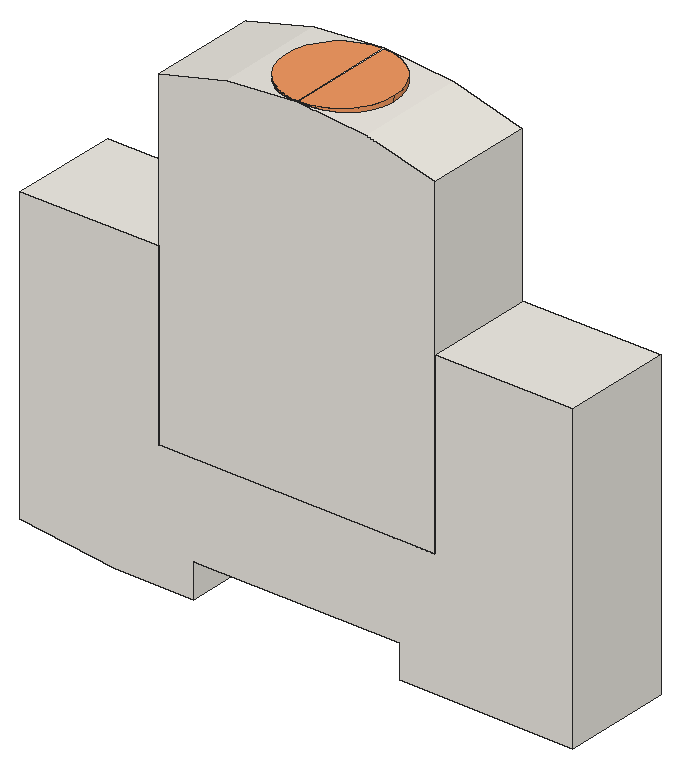
Revit family "Überspannungsableiter V20, 1-polig mit FS", category Generic Models, Revit 2015
Parameters (values of type "V20-1+FS-320")
  Width = 90 mm
  URL = "http://www.obo-bettermann.com"
  Material 2 = PA 66/6 FR HF RAL 2003
  Material = PA 66/6 FR HF RAL 9010
  Manufacturer Art.No. = "5095291"
  Manufacturer = "OBO Bettermann"
  Length = 17.8 mm
  Height = 78.5 mm
  GTIN = "4012196162826"
  Article Type = "V20-1+FS-320"
Types (3, lengths in mm): name | Manufacturer Art.No. | GTIN | Article Type
  (no name) | "5095291" | "4012196162826" | "V20-1+FS-320"
  V20-1+FS-280 | "5095281" | "4012196162000" | "V20-1+FS-280"
  V20-1+FS-320 | "5095291" | "4012196162826" | "V20-1+FS-320"
Reference planes
  plane 1 "Center (Front/Back)": y = 0
  plane 2: z = 0
  plane 3 "Center (Left/Right)": x = 0
  plane 4: y = 17.8
  plane 5: z = 78.5
  plane 6: z = 78.5
  plane 7: z = 77.5
Forms (mm)
  Extrusion 1, solid, material "PA 66/6 FR HF RAL 9010" <- "Material"
    sketch origin (0, 0, 0) x (1, 0, 0) y (0, 0, 1)
      loop
        line (-29.35, 0) -> (-16.75, 0) -> (-16.75, 5.5) -> (16.75, 5.5) -> (16.75, 0) -> (45, 0) -> (45, 49.5) -> (22.5, 49.5) -> (22.5, 20.5) -> (-22.5, 20.5) -> (-22.5, 49.5) -> (-45, 49.5) -> (-45, 1.922) -> (-29.35, 0)
    from -17.8 to 0
  Extrusion 2, solid, material "PA 66/6 FR HF RAL 9010" <- "Material"
    sketch origin (0, 0, 0) x (1, 0, 0) y (0, 0, 1)
      loop
        line (-22.5, 20.5) -> (22.5, 20.5) -> (22.5, 74.639)
        arc (22.5, 74.639) -> (0, 78.5) -> (-22.5, 74.639) r 67.488
        line (-22.5, 74.639) -> (-22.5, 20.5)
    from -17.8 to 0
  Extrusion 3, solid, material "PA 66/6 FR HF RAL 2003" <- "Material 2"
    sketch origin (0, 0, 0) x (1, 0, 0) y (0, 1, 0)
      loop
        circle (0, 8.9) r 8.75
    from 77.5 to 78.5
Dimensions and locks
  locked: Extrusion 1 sketch curve to Extrusion 1 sketch curve at 33.5
  locked: plane 3 "Center (Left/Right)" to Extrusion 1 sketch curve at 16.75
  locked: Extrusion 1 sketch curve to level at 5.5
  "Width": Extrusion 1 sketch curve to Extrusion 1 sketch curve
  equal spacing: Extrusion 1 sketch curve, plane 3 "Center (Left/Right)", Extrusion 1 sketch curve, locked at 45 each
  locked: Extrusion 1 sketch curve to Extrusion 1 sketch curve at 44
  locked: Extrusion 1 sketch curve to Extrusion 1 sketch curve at 45
  equal spacing: Extrusion 1 sketch curve, plane 3 "Center (Left/Right)", Extrusion 1 sketch curve, locked at 22.5 each
  locked: Extrusion 1 sketch curve to Extrusion 1 sketch curve at 29
  locked: Extrusion 1 sketch curve to Extrusion 1 sketch curve at 15.65
  locked: Extrusion 1 sketch curve to level at 1.922
  "Length": plane 1 "Center (Front/Back)" to plane 4
  "Height": plane 5 to level
  locked: Extrusion 2 sketch curve to Extrusion 1 at 54.139
  locked: Extrusion 2 to Extrusion 3 sketch curve at 8.9
  "Height": plane 6 to level
  locked: plane 6 to plane 7 at 1
  radius of Extrusion 2 sketch curve = 67.488 mm
  radius of Extrusion 3 sketch curve = 8.75 mm
  aligned and locked: level to plane 2
  aligned and locked: Extrusion 1 sketch curve to level  (x2)
  aligned and locked: Extrusion 1 sketch curve to Extrusion 1 sketch curve
  aligned and locked: plane 4 to Extrusion 1
  aligned and locked: plane 1 "Center (Front/Back)" to Extrusion 1
  aligned and locked: Extrusion 2 sketch curve to Extrusion 1  (x3)
  aligned and locked: Extrusion 2 sketch curve to Extrusion 2 sketch curve
  aligned and locked: Extrusion 1 to Extrusion 2
  aligned and locked: plane 1 "Center (Front/Back)" to Extrusion 2
  aligned and locked: plane 6 to Extrusion 3
  aligned and locked: Extrusion 3 to plane 7
Automatic sketch dimensions
  Extrusion 3 sketch curve to plane 3 "Center (Left/Right)" = 0 mm
